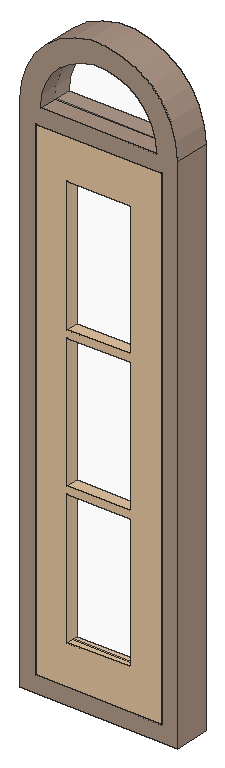
Revit family
Parameters (values of type "450 x 1500 mm")
  Top Rail = 100 mm
  Stile = 75 mm
  Material of Shutter = Shutter Material
  Material of Panel = Glass (2)
  Height = 1500 mm
  Frame Width = 60 mm
  Frame Depth = 100 mm
  Material of Frame = Frame Material
  Default Sill Height = 800 mm
  Wall Closure = (empty or 0)
  Width = 450 mm
  Bottom Rail = 100 mm
Types (4, lengths in mm): name | Width
  (no name) | 450
  600x1500 mm | 600
  450 x 1500 mm | 450
  750x1500 mm | 750
Reference planes
  plane 1: y = 0
  plane 2 "Center (Left/Right)": x = 0
  plane 3 "Left": x = -225
  plane 4 "Right": x = 225
  plane 5 "Sill": z = 800
  plane 6 "Head": z = 2300
  plane 7 "Exterior": y = 80
  plane 8 "Interior": y = -70
  plane 9: x = -165
  plane 10: x = 165
  plane 11: y = 50
  plane 12: y = -50
  plane 13: z = 2240
  plane 14: z = 860
  plane 15: x = -90
  plane 16: x = 90
  plane 17: z = 2140
  plane 18: z = 960
  plane 19: z = 2150
  plane 20: z = 950
  plane 21: z = 1750
  plane 22: z = 1350
  plane 23: z = 1550
Forms (mm)
  Sweep 1, solid, material "Frame Material"
    path origin (0, 0, 0) x (1, 0, 0) y (0, 0, 1)
      loop
        line (-225, 800) -> (225, 800) -> (225, 2300) -> (-225, 2300) -> (-225, 800)
    profile origin (0, 0, 1550) x (-1, 0, 0) y (0, -1, 0)
      loop
        line (225, 50) -> (180, 50) -> (180, 15) -> (165, 15) -> (165, -50) -> (225, -50) -> (225, 50)
  Extrusion 2, solid, material "Shutter Material" <- "Material of Shutter"
    sketch origin (0, -50, 0) x (1, 0, 0) y (0, 0, 1)
      loop
        line (180, 2255) -> (-180, 2255) -> (-180, 845) -> (180, 845) -> (180, 2255)
      loop
        line (-90, 2140) -> (-90, 1760) -> (90, 1760) -> (90, 2140) -> (-90, 2140)
      loop
        line (-90, 960) -> (90, 960) -> (90, 1340) -> (-90, 1340) -> (-90, 960)
      loop
        line (-90, 1740) -> (-90, 1360) -> (90, 1360) -> (90, 1740) -> (-90, 1740)
    from 0 to -35
  Extrusion 3, solid, material "Glass (2)" <- "Material of Panel"
    sketch origin (0, 0, 960) x (0, -1, 0) y (-1, 0, 0)
      loop
        line (30.5, -90) -> (34.5, -90) -> (34.5, 90) -> (30.5, 90) -> (30.5, -90)
    from 0 to -1180
  Sweep 4, solid, material "Frame Material"
    path origin (0, 0, 0) x (1, 0, 0) y (0, 0, 1)
      loop
        arc (225, 2300) -> (0, 2525) -> (-225, 2300) r 225
    profile origin (0, 0, 0) x (0, 0, -1) y (0, -1, 0)
      loop
        line (-2525, 50) -> (-2525, -50) -> (-2465, -50) -> (-2465, 50) -> (-2525, 50)
  Extrusion 5, solid, material "Glass (2)" <- "Material of Panel"
    sketch origin (0, 0, 0) x (1, 0, 0) y (0, 0, 1)
      loop
        arc (165, 2300) -> (0, 2465) -> (-165, 2300) r 165
        line (-165, 2300) -> (165, 2300)
    from -2 to 2
Cuts and joins
  joined: Sweep 1, Sweep 4
Lines and regions (mm)
  Opening 1
    outline origin (3500, -70, 0) x (1, 0, 0) y (0, 0, 1)
      loop
        line (-3275, 800) -> (-3275, 2300)
        arc (-3275, 2300) -> (-3500, 2525) -> (-3725, 2300) r 225
        line (-3725, 2300) -> (-3725, 800) -> (-3275, 800)
  symbolic lines, style "Elevation Swing"
    curve 1: line (-225, 0, 1550) -> (180, 0, 2255)
    curve 2: line (-225, 0, 1550) -> (180, 0, 845)
  symbolic lines, style "WindowsFrameMullionProjection", detail levels medium+fine
    curve 3: line (-225, -50, 0) -> (-225, 50, 0)
    curve 4: line (-225, 50, 0) -> (-165, 50, 0)
    curve 5: line (-165, 50, 0) -> (-165, -15, 0)
    curve 6: line (-180, -15, 0) -> (-165, -15, 0)
    curve 7: line (-180, -15, 0) -> (-180, -50, 0)
    curve 8: line (-180, -50, 0) -> (-225, -50, 0)
    curve 9: line (225, 50, 0) -> (225, -50, 0)
    curve 10: line (225, 50, 0) -> (165, 50, 0)
    curve 11: line (165, -15, 0) -> (165, 50, 0)
    curve 12: line (165, -15, 0) -> (180, -15, 0)
    curve 13: line (180, -15, 0) -> (180, -50, 0)
    curve 14: line (180, -50, 0) -> (225, -50, 0)
  symbolic lines, style "Plan Swing"
    curve 15: line (-180, -15, 0) -> (180, -15, 0)
    curve 16: line (-180, -50, 0) -> (180, -50, 0)
  symbolic lines, style "WindowsFrameMullionProjection", detail levels coarse
    curve 17: line (-180, -50, 0) -> (-225, -50, 0)
    curve 18: line (-180, 50, 0) -> (-180, -50, 0)
    curve 19: line (-225, 50, 0) -> (-180, 50, 0)
    curve 20: line (-225, -50, 0) -> (-225, 50, 0)
    curve 21: line (180, -50, 0) -> (225, -50, 0)
    curve 22: line (180, 50, 0) -> (180, -50, 0)
    curve 23: line (225, 50, 0) -> (180, 50, 0)
    curve 24: line (225, -50, 0) -> (225, 50, 0)
Text (mm)
  text "EXTERIOR" at (-1963.203, 1332.353, 0), in view "Ref. Level"
  text "INTERIOR" at (-1981.466, -818.386, 0), in view "Ref. Level"
  text "Exterior" at (0, 923.751, 2943.296), in view "Right"
  text "Exterior" at (0, 1040.484, 2685.409), in view "Left"
Dimensions and locks
  equal spacing: plane 3 "Left", plane 2 "Center (Left/Right)", plane 4 "Right"
  "Width": plane 3 "Left" to plane 4 "Right"
  "Height": plane 5 "Sill" to plane 6 "Head"
  "Default Sill Height": plane 5 "Sill" to level
  locked: plane 7 "Exterior" to host wall at 0
  locked: plane 8 "Interior" to host wall
  locked: Sweep 1 sketch curve to Sweep 1 sketch curve at 15
  locked: Sweep 1 sketch curve to Sweep 1 sketch curve at 35
  "Frame Width": plane 3 "Left" to plane 9
  "Frame Width": plane 10 to plane 4 "Right"
  equal spacing: plane 12, plane 1, plane 11
  "Frame Depth": plane 12 to plane 11
  "Frame Width": plane 6 "Head" to plane 13
  "Frame Width": plane 14 to plane 5 "Sill"
  "Stile": plane 15 to plane 9
  "Stile": plane 10 to plane 16
  "Top Rail": plane 13 to plane 17
  "Bottom Rail": plane 18 to plane 14
  locked: Extrusion 2 to Extrusion 3 sketch curve at 15.5
  locked: Extrusion 3 sketch curve to Extrusion 2 at 15.5
  equal spacing: plane 19, plane 21, plane 22, plane 20
  locked: plane 19 to plane 17 at 10
  locked: plane 18 to plane 20 at 10
  equal spacing: plane 5 "Sill", plane 23, plane 6 "Head"
  "Frame Width": Sweep 4 sketch curve to Sweep 4 sketch curve
  aligned and locked: host wall to Sweep 1 sketch curve
  aligned and locked: Sweep 1 sketch curve to host wall  (x2)
  aligned and locked: plane 12 to Sweep 1 sketch curve
  aligned and locked: Sweep 1 sketch curve to plane 3 "Left"
  aligned and locked: plane 11 to Sweep 1 sketch curve
  aligned and locked: plane 9 to Sweep 1 sketch curve
  aligned and locked: plane 15 to Extrusion 2 sketch curve
  aligned and locked: plane 17 to Extrusion 2 sketch curve
  aligned and locked: plane 18 to Extrusion 2 sketch curve
  aligned and locked: Extrusion 2 sketch curve to plane 16
  aligned and locked: Extrusion 2 to Extrusion 3 sketch curve
  aligned and locked: Extrusion 3 to Extrusion 2  (x2)
  aligned and locked: curve 3 to Sweep 1
  aligned and locked: curve 5 to Sweep 1
  aligned and locked: curve 6 to Sweep 1  (x2)
  aligned and locked: Sweep 1 to curve 9
  aligned and locked: curve 9 to Sweep 1
  aligned and locked: Sweep 1 to curve 11
  aligned and locked: curve 11 to Sweep 1
  aligned and locked: curve 13 to Sweep 1
  aligned and locked: Sweep 4 sketch curve to host wall
  aligned and locked: plane 12 to Sweep 4 sketch curve  (x2)
  aligned and locked: profile plane to Sweep 4 sketch curve
  aligned and locked: Sweep 4 sketch curve to plane 11
  aligned and locked: Extrusion 5 sketch curve to Sweep 4
  aligned and locked: Extrusion 2 to curve 1
  aligned and locked: curve 1 to host wall
  aligned and locked: Sweep 1 to curve 2
  aligned and locked: curve 6 to curve 15
  aligned and locked: curve 17 to plane 12
  aligned and locked: Sweep 1 to curve 20
  aligned and locked: curve 20 to Sweep 1
  aligned and locked: plane 12 to curve 21
  aligned and locked: curve 24 to Sweep 1  (x2)
Automatic sketch dimensions
  Extrusion 3 sketch curve to plane 16 = 0 mm
  Extrusion 2 sketch curve to plane 9 = 15 mm
  plane 10 to Extrusion 2 sketch curve = 15 mm
  plane 14 to Extrusion 2 sketch curve = 15 mm
  Extrusion 2 sketch curve to plane 22 = 10 mm
  plane 22 to Extrusion 2 sketch curve = 10 mm
  Extrusion 2 sketch curve to plane 21 = 10 mm
  plane 21 to Extrusion 2 sketch curve = 10 mm
  Extrusion 2 sketch curve to plane 13 = 15 mm
  Extrusion 2 sketch curve to plane 15 = 0 mm  (x2)
  Extrusion 2 sketch curve to plane 16 = 0 mm  (x2)
  Opening 1 sketch curve to plane 2 "Center (Left/Right)" = 0 mm
  Opening 1 sketch curve to plane 4 "Right" = 0 mm
  Opening 1 sketch curve to plane 5 "Sill" = 0 mm
  Opening 1 sketch curve to plane 6 "Head" = 0 mm
  Sweep 1 sketch curve to plane 6 "Head" = 0 mm
  curve 2 to plane 23 = 0 mm
  curve 1 to plane 13 = 15 mm
  plane 14 to curve 2 = 15 mm
